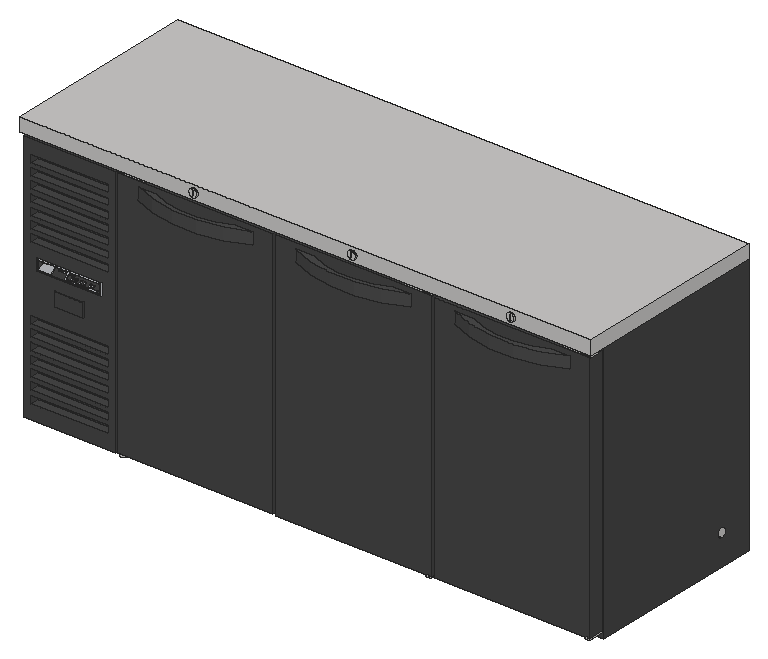
Revit family "QF_TRUE_TBR72-RISZ1-L-B-SSS-1", category Specialty Equipment, Revit 2016
Family settings
  Part Type = Normal
  Round Connector Dimension = Use Diameter
  Work Plane-Based = No
  Always vertical = Yes
  Cut with Voids When Loaded = No
  Shared = No
  Room Calculation Point = No
Parameters (values of type "QF_TRUE_TBR72-RISZ1-L-B-SSS-1")
  Weight in Pounds = 0
  Watts = if(Phase = 3, Volts * FL Amps * 1.73, Volts * FL Amps)  # 207 W
  Waste Water Discharge Temperature = -459.67 °F
  Volts = 115 V
  URL Cutsheet = ""
  Specification by User = ""
  Specification by Manufacturer = ""
  Show Standard Unit [instance] = yes
  Show Logo [instance] = yes
  Show Leg Levelers [instance] = no
  Show Seismic Flange [instance] = yes
  Show 6 Inches Legs [instance] = no
  Show Clearance [instance] = yes
  Show 1 Inch Rollers [instance] = no
  Show 5 Inches Castors [instance] = no
  Show 4 Inches Castors [instance] = no
  Show 3 Inches Castors [instance] = no
  Show 2 Inches Castors [instance] = no
  Serial Number = ""
  Seismic Rating = ""
  SMACNA No = ""
  Revision Code = ""
  Plumbing Remarks = ""
  Plumbing Connection Type = ""
  Phase = 1
  Number of Poles = 1
  NAFEM Spec ID Number = ""
  Model = "TBR72-RISZ1-L-B-SSS-1"
  Min Ckt Ampacity = 0 A
  Max Overcurrent Protection = 0 A
  Masterspec = ""
  Manufacturer = "TRUE"
  Length = 72"
  Item Number = ""
  Installed By = ""
  Indirect Waste Size = 1"
  Indirect Waste Flow = 0 GPM
  Indirect Waste Connection Type = ""
  Indirect Waste Connection Height = 0"
  Identify Quantity as Lot = yes
  Height [instance] = if(Show Standard Unit, 34 11/16", if(Show Leg Levelers, 34 15/16", if(Show 1 Inch Rollers, 35 9/16", if(Show 2 Inches Castors, 37 9/16", if(Show 3 Inches Castors, 38 9/16", if(Show 4 Inches Castors, 39 3/4", if(Show 5 Inches Castors, 40 3/4", if(Show 6 Inches Legs, 40 11/16", if(Show Seismic Flange, 40 11/16", 34 11/16")))))))))  # 34 11/16"
  HP = "1/5"
  Furnished By = ""
  Foodservice Equipment Identifier = yes
  FL Amps = 1.8 A
  Electrical Remarks = ""
  Electric Connection Type = ""
  Elec Conn RI Height = 0"
  Elec Conn Connection Height = 0"
  Description = "REACH-IN SINGLE ZONE REFRIGERATOR WITH LEFT SIDE REFRIGERATION SYSTEM. BLACK EXTERIOR AND SOLID SWING DOORS"
  Depth = 26 3/8"
  Cycle = 60 Hz
  Conn Plug = "NEMA 5-15P"
  Conn Conduit = yes
  CSI MasterFormat = ""
  Base Height [instance] = if(Show 2 Inches Castors, 2", if(Show 3 Inches Castors, 3", if(Show 4 Inches Castors, 4", if(Show 5 Inches Castors, 5", if(Show 1 Inch Rollers, 7/8", if(Show 6 Inches Legs, 6", if(Show Seismic Flange, 6", if(Show Leg Levelers, 0", 0"))))))))  # 6"
  Apparent Power = if(Phase = 3, Volts * FL Amps * 1.73, Volts * FL Amps)  # 207 VA
Reference planes (in)
  plane 1 "BACK": y = 0
  plane 2: z = 0
  plane 3 "LEFT": x = 0
  plane 4 "RIGHT": x = 72
  plane 5 "FRONT": y = -26.375
  plane 6 "TOP": z = 34.6875
  plane 7 "Center Y": x = 36
  plane 8 "Center X": y = -13.1875
  plane 9: y = -24.84375
  plane 10: y = -24.65625
  plane 11: y = -47.59375
  plane 12: z = 0
Dimensions and locks (in)
  equal spacing: plane 3 "LEFT", plane 7 "Center Y", plane 4 "RIGHT"
  "Length": plane 3 "LEFT" to plane 4 "RIGHT"
  equal spacing: plane 5 "FRONT", plane 8 "Center X", plane 1 "BACK"
  "Depth": plane 5 "FRONT" to plane 1 "BACK"
  "Height": plane 6 "TOP" to level
  plane 3 "LEFT" to plane 4 "RIGHT" = 72"
  plane 5 "FRONT" to plane 1 "BACK" = 26 3/8"
  plane 9 to plane 1 "BACK" = 24 27/32"
  plane 10 to plane 1 "BACK" = 24 21/32"
  plane 11 to plane 1 "BACK" = 47 19/32"
  locked: plane 6 "TOP" to plane 12 at 34.6875
  aligned and locked: level to plane 2
  aligned and locked: plane 6 "TOP" to nested 1
Nested families (in)
  nested 1: "TBR72-RISZ1-L-B-SSS-1" at (0, 0, 0), Show Clearance <- "Show Clearance", Show Logo <- "Show Logo", type "TBR72-RISZ1-L-B-SSS-1"
  nested 2: "CASTORS & LEGS" at (4, -4, 0), Show 2 Inches Castors <- "Show 2 Inches Castors", Show 3 Inches Castors <- "Show 3 Inches Castors", Show 4 Inches Castors <- "Show 4 Inches Castors", Show 5 Inches Castors <- "Show 5 Inches Castors", Show Legs <- "Show 6 Inches Legs", Show Legs with Flandge <- "Show Seismic Flange", Show 1 Inch Rollers <- "Show 1 Inch Rollers", Show Leg Levelers <- "Show Leg Levelers", type "CASTORS & LEGS"
    with Type Mark "", Status "", Specification by User "", Show Legs with Flandge yes, Show Legs no, Show Leg Levelers no, Show 5 Inches Castors no, Show 4 Inches Castors no, Show 3 Inches Castors no, Show 2 Inches Castors no, Show 1 Inch Rollers no, Revision Code "", Item Number "", Installed By "", Identify Quantity as Lot yes, Furnished By "", Foodservice Equipment Identifier yes
  nested 3: "CASTORS & LEGS" at (68, -4, 0), Show 2 Inches Castors <- "Show 2 Inches Castors", Show 3 Inches Castors <- "Show 3 Inches Castors", Show 4 Inches Castors <- "Show 4 Inches Castors", Show 5 Inches Castors <- "Show 5 Inches Castors", Show Legs <- "Show 6 Inches Legs", Show Legs with Flandge <- "Show Seismic Flange", Show 1 Inch Rollers <- "Show 1 Inch Rollers", Show Leg Levelers <- "Show Leg Levelers", type "CASTORS & LEGS"
    with Type Mark "", Status "", Specification by User "", Show Legs with Flandge yes, Show Legs no, Show Leg Levelers no, Show 5 Inches Castors no, Show 4 Inches Castors no, Show 3 Inches Castors no, Show 2 Inches Castors no, Show 1 Inch Rollers no, Revision Code "", Item Number "", Installed By "", Identify Quantity as Lot yes, Furnished By "", Foodservice Equipment Identifier yes
  nested 4: "CASTORS & LEGS" at (4, -18.75, 0), Show 2 Inches Castors <- "Show 2 Inches Castors", Show 3 Inches Castors <- "Show 3 Inches Castors", Show 4 Inches Castors <- "Show 4 Inches Castors", Show 5 Inches Castors <- "Show 5 Inches Castors", Show Legs <- "Show 6 Inches Legs", Show Legs with Flandge <- "Show Seismic Flange", Show 1 Inch Rollers <- "Show 1 Inch Rollers", Show Leg Levelers <- "Show Leg Levelers", type "CASTORS & LEGS"
    with Type Mark "", Status "", Specification by User "", Show Legs with Flandge yes, Show Legs no, Show Leg Levelers no, Show 5 Inches Castors no, Show 4 Inches Castors no, Show 3 Inches Castors no, Show 2 Inches Castors no, Show 1 Inch Rollers no, Revision Code "", Item Number "", Installed By "", Identify Quantity as Lot yes, Furnished By "", Foodservice Equipment Identifier yes
  nested 5: "CASTORS & LEGS" at (68, -18.75, 0), Show 2 Inches Castors <- "Show 2 Inches Castors", Show 3 Inches Castors <- "Show 3 Inches Castors", Show 4 Inches Castors <- "Show 4 Inches Castors", Show 5 Inches Castors <- "Show 5 Inches Castors", Show Legs <- "Show 6 Inches Legs", Show Legs with Flandge <- "Show Seismic Flange", Show 1 Inch Rollers <- "Show 1 Inch Rollers", Show Leg Levelers <- "Show Leg Levelers", type "CASTORS & LEGS"
    with Type Mark "", Status "", Specification by User "", Show Legs with Flandge yes, Show Legs no, Show Leg Levelers no, Show 5 Inches Castors no, Show 4 Inches Castors no, Show 3 Inches Castors no, Show 2 Inches Castors no, Show 1 Inch Rollers no, Revision Code "", Item Number "", Installed By "", Identify Quantity as Lot yes, Furnished By "", Foodservice Equipment Identifier yes
  nested 6: "CASTORS & LEGS" at (36, -4, 0), Show 2 Inches Castors <- "Show 2 Inches Castors", Show 3 Inches Castors <- "Show 3 Inches Castors", Show 4 Inches Castors <- "Show 4 Inches Castors", Show 5 Inches Castors <- "Show 5 Inches Castors", Show Legs <- "Show 6 Inches Legs", Show Legs with Flandge <- "Show Seismic Flange", Show 1 Inch Rollers <- "Show 1 Inch Rollers", Show Leg Levelers <- "Show Leg Levelers", type "CASTORS & LEGS"
    with Type Mark "", Status "", Specification by User "", Show Legs with Flandge yes, Show Legs no, Show Leg Levelers no, Show 5 Inches Castors no, Show 4 Inches Castors no, Show 3 Inches Castors no, Show 2 Inches Castors no, Show 1 Inch Rollers no, Revision Code "", Item Number "", Installed By "", Identify Quantity as Lot yes, Furnished By "", Foodservice Equipment Identifier yes
  nested 7: "CASTORS & LEGS" at (36, -18.75, 0), Show 2 Inches Castors <- "Show 2 Inches Castors", Show 3 Inches Castors <- "Show 3 Inches Castors", Show 4 Inches Castors <- "Show 4 Inches Castors", Show 5 Inches Castors <- "Show 5 Inches Castors", Show Legs <- "Show 6 Inches Legs", Show Legs with Flandge <- "Show Seismic Flange", Show 1 Inch Rollers <- "Show 1 Inch Rollers", Show Leg Levelers <- "Show Leg Levelers", type "CASTORS & LEGS"
    with Type Mark "", Status "", Specification by User "", Show Legs with Flandge yes, Show Legs no, Show Leg Levelers no, Show 5 Inches Castors no, Show 4 Inches Castors no, Show 3 Inches Castors no, Show 2 Inches Castors no, Show 1 Inch Rollers no, Revision Code "", Item Number "", Installed By "", Identify Quantity as Lot yes, Furnished By "", Foodservice Equipment Identifier yes
Connectors (in)
  electrical at (6, 0.25, 18), driven by "Volts", driven by "Watts"
    settings: on nested 1, index 1, voltage 115 V, apparent load 207 VA, apparent load phase1 0 VA, apparent load phase2 0 VA, apparent load phase3 0 VA, power factor 1, load classification "Other", number of poles 1, system type 30, power factor state 1, is connector primary yes, connector utility no, sub classification motor no, connector description "ELECTRICAL CONNECTION"
  piping at (16.75, -4.96875, -0.125), diameter 2.25
    settings: on nested 1, index 2, connector inside diameter 24", connector length 0", flow factor 0, pipe flow 0 GPM, pressure drop 0.00 psi, fitting loss kfactor 0, connector angle 0.00°, fixture units 0, engagement length 0", angle of deflection 0.00°, flow configuration 1, flow direction 2, fitting loss method 0, system type 16, joint type 0, gender type 0, connector reference index -1, connector utility 0, adjustable connector no, is connector primary yes, connector description "FLOOR ACCESS"
  piping at (64.75, -4.34375, -0.125), diameter 1, driven by "Indirect Waste Flow", driven by "Indirect Waste Size"
    settings: on nested 1, index 3, connector inside diameter 24", connector length 0", flow factor 0, pipe flow 0 GPM, pressure drop 0.00 psi, fitting loss kfactor 0, connector angle 0.00°, fixture units 0, engagement length 0", angle of deflection 0.00°, flow configuration 1, flow direction 2, fitting loss method 0, system type 16, joint type 0, gender type 0, connector reference index -1, connector utility 0, adjustable connector no, is connector primary no, connector description "DRAIN"
  piping at (72.125, -4.3125, 3.96875), diameter 1
    settings: on nested 1, index 4, connector inside diameter 24", connector length 0", flow factor 0, pipe flow 0 GPM, pressure drop 0.00 psi, fitting loss kfactor 0, connector angle 0.00°, fixture units 0, engagement length 0", angle of deflection 0.00°, flow configuration 1, flow direction 1, fitting loss method 0, system type 22, joint type 0, gender type 0, connector reference index -1, connector utility 0, adjustable connector no, is connector primary no, connector description "CONDENSING UNIT"
Definition of nested family "TBR72-RISZ1-L-B-SSS-1"
  Parameters (values of type "TBR72-RISZ1-L-B-SSS-1")
    Weight in Pounds = 0
    URL Cutsheet = ""
    Specification by User = ""
    Specification by Manufacturer = ""
    Show Logo [instance] = yes
    Show Clearance [instance] = yes
    Serial Number = ""
    Seismic Rating = ""
    SMACNA No = ""
    Revision Code = ""
    NAFEM Spec ID Number = ""
    Model = ""
    Masterspec = ""
    Manufacturer = ""
    Length = 72"
    Item Number = ""
    Installed By = ""
    Identify Quantity as Lot = yes
    Height = 34 11/16"
    Furnished By = ""
    Foodservice Equipment Identifier = yes
    Description = ""
    Depth = 26 3/8"
    CSI MasterFormat = ""
  Reference planes (in)
    plane 1 "BACK": y = 0
    plane 2: z = 0
    plane 3 "LEFT": x = 0
    plane 4 "RIGHT": x = 72
    plane 5 "FRONT": y = -26.375
    plane 6 "TOP": z = 34.6875
    plane 7 "Center Y": x = 36
    plane 8 "Center X": y = -13.1875
    plane 9: y = -24.84375
    plane 10: y = -24.65625
    plane 11: x = 71.75
    plane 12: y = -43.59375
  Forms (in)
    Extrusion 1, solid
      sketch origin (0, 0, 0) x (-1, 0, 0) y (0, 0, 1)
        loop
          line (-12.09375, 32.46875) -> (-71.75, 32.46875) -> (-71.75, 0.78125) -> (-12.09375, 0.78125) -> (-12.09375, 32.46875)
      from 0 to -2
    Extrusion 2, solid
      sketch origin (0, -22.75, 0) x (1, 0, 0) y (0, 0, 1)
        loop
          line (0.25, 0.78125) -> (11.84375, 0.78125) -> (11.84375, 32.46875) -> (0.25, 32.46875) -> (0.25, 0.78125)
        loop
          line (1.125, 30.81709) -> (1.125, 29.81709) -> (10.96875, 29.81709) -> (10.96875, 30.81709) -> (1.125, 30.81709)
        loop
          line (1.125, 29.31709) -> (1.125, 28.31709) -> (10.96875, 28.31709) -> (10.96875, 29.31709) -> (1.125, 29.31709)
        loop
          line (1.125, 27.81709) -> (1.125, 26.81709) -> (10.96875, 26.81709) -> (10.96875, 27.81709) -> (1.125, 27.81709)
        loop
          line (1.125, 26.31709) -> (1.125, 25.31709) -> (10.96875, 25.31709) -> (10.96875, 26.31709) -> (1.125, 26.31709)
        loop
          line (1.125, 24.81709) -> (1.125, 23.81709) -> (10.96875, 23.81709) -> (10.96875, 24.81709) -> (1.125, 24.81709)
        loop
          line (1.125, 21.81709) -> (1.125, 20.81709) -> (10.96875, 20.81709) -> (10.96875, 21.81709) -> (1.125, 21.81709)
        loop
          line (1.125, 23.31709) -> (1.125, 22.31709) -> (10.96875, 22.31709) -> (10.96875, 23.31709) -> (1.125, 23.31709)
        loop
          line (1.125, 12.56709) -> (1.125, 11.56709) -> (10.96875, 11.56709) -> (10.96875, 12.56709) -> (1.125, 12.56709)
        loop
          line (1.125, 11.06709) -> (1.125, 10.06709) -> (10.96875, 10.06709) -> (10.96875, 11.06709) -> (1.125, 11.06709)
        loop
          line (1.125, 9.56709) -> (1.125, 8.56709) -> (10.96875, 8.56709) -> (10.96875, 9.56709) -> (1.125, 9.56709)
        loop
          line (1.125, 8.06709) -> (1.125, 7.06709) -> (10.96875, 7.06709) -> (10.96875, 8.06709) -> (1.125, 8.06709)
        loop
          line (1.125, 6.56709) -> (1.125, 5.56709) -> (10.96875, 5.56709) -> (10.96875, 6.56709) -> (1.125, 6.56709)
        loop
          line (1.125, 3.56709) -> (1.125, 2.56709) -> (10.96875, 2.56709) -> (10.96875, 3.56709) -> (1.125, 3.56709)
        loop
          line (1.125, 5.06709) -> (1.125, 4.06709) -> (10.96875, 4.06709) -> (10.96875, 5.06709) -> (1.125, 5.06709)
      from 0.125 to 1.90625
    Extrusion 3, solid
      sketch origin (0, -22.75, 0) x (1, 0, 0) y (0, 0, 1)
        loop
          line (12.09375, 0.78125) -> (31.71875, 0.78125) -> (31.71875, 32.46875) -> (12.09375, 32.46875) -> (12.09375, 0.78125)
        loop
          line (51.73438, 0.78125) -> (51.73438, 32.46875) -> (32.10938, 32.46875) -> (32.10938, 0.78125) -> (51.73438, 0.78125)
        loop
          line (71.75, 0.78125) -> (71.75, 32.46875) -> (52.125, 32.46875) -> (52.125, 0.78125) -> (71.75, 0.78125)
      from 0 to 1.90625
    Extrusion 4, solid
      sketch origin (32.8125, -22.75, 32.46875) x (-1, 0, 0) y (0, -1, 0)
        loop
          arc (18.16831, 1.90625) -> (10.90625, 3.65113) -> (3.64419, 1.90625) r 15.9845
          line (3.64419, 1.90625) -> (5.9146, 1.90625)
          arc (5.9146, 1.90625) -> (10.90625, 3.15287) -> (15.8979, 1.90625) r 10.61701
          line (15.8979, 1.90625) -> (18.16831, 1.90625)
        loop
          arc (-1.84732, 1.90625) -> (-9.10938, 3.65113) -> (-16.37143, 1.90625) r 15.9845
          line (-16.37143, 1.90625) -> (-14.10103, 1.90625)
          arc (-14.10103, 1.90625) -> (-9.10938, 3.15287) -> (-4.11772, 1.90625) r 10.61701
          line (-4.11772, 1.90625) -> (-1.84732, 1.90625)
        loop
          arc (-21.86294, 1.90625) -> (-29.125, 3.65113) -> (-36.38706, 1.90625) r 15.9845
          line (-36.38706, 1.90625) -> (-34.11665, 1.90625)
          arc (-34.11665, 1.90625) -> (-29.125, 3.15287) -> (-24.13335, 1.90625) r 10.61701
          line (-24.13335, 1.90625) -> (-21.86294, 1.90625)
      from -2.11784 to -0.60631
    Extrusion 5, solid
      sketch origin (0.04324, -24.65625, 0) x (1, 0, 0) y (0, 0, 1)
        loop
          line (4.20676, 16.37472) -> (4.20676, 14.62472) -> (7.80051, 14.62472) -> (7.80051, 16.37472) -> (4.20676, 16.37472)
      from 0 to 0.125
    Extrusion 6, solid
      sketch origin (0, -24.84375, 34.4375) x (0, 0, 1) y (-1, 0, 0)
        loop
          circle (-0.65572, -21.90625) r 0.5
        loop
          line (-0.32569, -21.84362) -> (-0.96744, -21.84362) -> (-0.96744, -21.98332) -> (-0.32569, -21.98332) -> (-0.32569, -21.84362)
        loop
          circle (-0.65572, -41.92188) r 0.5
        loop
          line (-0.32569, -41.85924) -> (-0.96744, -41.85924) -> (-0.96744, -41.99895) -> (-0.32569, -41.99895) -> (-0.32569, -41.85924)
        loop
          circle (-0.65572, -61.9375) r 0.5
        loop
          line (-0.32569, -61.87487) -> (-0.96744, -61.87487) -> (-0.96744, -62.01457) -> (-0.32569, -62.01457) -> (-0.32569, -61.87487)
      from 0 to 0.125
    Extrusion 7, solid
      sketch origin (0, -22.75, 0) x (1, 0, 0) y (0, 0, 1)
        loop
          line (1.28286, 30.81709) -> (1.28286, 29.81709) -> (11.12661, 29.81709) -> (11.12661, 30.81709) -> (1.28286, 30.81709)
        loop
          line (1.28286, 29.31709) -> (1.28286, 28.31709) -> (11.12661, 28.31709) -> (11.12661, 29.31709) -> (1.28286, 29.31709)
        loop
          line (1.28286, 27.81709) -> (1.28286, 26.81709) -> (11.12661, 26.81709) -> (11.12661, 27.81709) -> (1.28286, 27.81709)
        loop
          line (1.28286, 26.31709) -> (1.28286, 25.31709) -> (11.12661, 25.31709) -> (11.12661, 26.31709) -> (1.28286, 26.31709)
        loop
          line (1.28286, 24.81709) -> (1.28286, 23.81709) -> (11.12661, 23.81709) -> (11.12661, 24.81709) -> (1.28286, 24.81709)
        loop
          line (1.28286, 21.81709) -> (1.28286, 20.81709) -> (11.12661, 20.81709) -> (11.12661, 21.81709) -> (1.28286, 21.81709)
        loop
          line (1.28286, 23.31709) -> (1.28286, 22.31709) -> (11.12661, 22.31709) -> (11.12661, 23.31709) -> (1.28286, 23.31709)
        loop
          line (1.28286, 12.56709) -> (1.28286, 11.56709) -> (11.12661, 11.56709) -> (11.12661, 12.56709) -> (1.28286, 12.56709)
        loop
          line (1.28286, 11.06709) -> (1.28286, 10.06709) -> (11.12661, 10.06709) -> (11.12661, 11.06709) -> (1.28286, 11.06709)
        loop
          line (1.28286, 9.56709) -> (1.28286, 8.56709) -> (11.12661, 8.56709) -> (11.12661, 9.56709) -> (1.28286, 9.56709)
        loop
          line (1.28286, 8.06709) -> (1.28286, 7.06709) -> (11.12661, 7.06709) -> (11.12661, 8.06709) -> (1.28286, 8.06709)
        loop
          line (1.28286, 6.56709) -> (1.28286, 5.56709) -> (11.12661, 5.56709) -> (11.12661, 6.56709) -> (1.28286, 6.56709)
        loop
          line (1.28286, 3.56709) -> (1.28286, 2.56709) -> (11.12661, 2.56709) -> (11.12661, 3.56709) -> (1.28286, 3.56709)
        loop
          line (1.28286, 5.06709) -> (1.28286, 4.06709) -> (11.12661, 4.06709) -> (11.12661, 5.06709) -> (1.28286, 5.06709)
      from 0.125 to 0.7394
    Extrusion 8, solid
      sketch origin (45.22341, -22.77627, 32.7789) x (1, 0, 0) y (0, 1, 0)
        loop
          line (26.54069, -1.96875) -> (26.50632, 0) -> (25.58853, 0) -> (25.55416, -1.96875) -> (26.54069, -1.96875)
        loop
          circle (26.09249, -1.43752) r 0.25
      from 0 to 0.1586
    Extrusion 9, solid
      sketch origin (71.97626, -22.16889, 0.78125) x (0, 1, 0) y (1, 0, 0)
        loop
          line (-0.60739, -1.14466) -> (-0.60739, -0.22626) -> (-2.06523, -0.25589)
          arc (-2.06523, -0.25589) -> (-2.48736, -0.68546) -> (-2.06523, -1.11503) r 0.42963
          line (-2.06523, -1.11503) -> (-0.60739, -1.14466)
        loop
          circle (-2.05773, -0.68546) r 0.25
      from 0 to 0.22057
    Extrusion 10, solid
      sketch origin (71.97626, -22.16889, 0.78125) x (0, 1, 0) y (1, 0, 0)
        loop
          circle (-2.05773, -0.68546) r 0.25
      from 0 to 0.29961
    Extrusion 11, solid
      sketch origin (45.22341, -22.16889, 32.46875) x (1, 0, 0) y (0, 1, 0)
        loop
          line (26.52659, -1.27764) -> (23.06149, -1.27764) -> (23.06149, -2.32875) -> (26.52659, -2.32875) -> (26.52659, -1.27764)
        loop
          circle (26.09113, -1.82353) r 0.25
        loop
          circle (24.44087, -1.81192) r 0.25
        loop
          circle (23.44087, -1.81192) r 0.25
      from 0 to 0.22057
    Extrusion 12, solid
      sketch origin (45.22341, -22.16889, 32.46875) x (1, 0, 0) y (0, 1, 0)
        loop
          circle (24.44087, -1.81192) r 0.25
        loop
          circle (23.44087, -1.81192) r 0.25
      from 0 to 0.31015
    Extrusion 13, solid
      sketch origin (71.97626, -22.16889, 0.78125) x (0, 1, 0) y (1, 0, 0)
        loop
          line (-0.60739, -1.14466) -> (-0.60739, -0.22626) -> (-2.06523, -0.25589)
          arc (-2.06523, -0.25589) -> (-2.48736, -0.68546) -> (-2.06523, -1.11503) r 0.42963
          line (-2.06523, -1.11503) -> (-0.60739, -1.14466)
        loop
          circle (-2.05773, -0.68546) r 0.25
      from 0 to 0.22057
    Extrusion 14, solid
      sketch origin (71.97626, -22.16889, 0.78125) x (0, 1, 0) y (1, 0, 0)
        loop
          circle (-2.05773, -0.68546) r 0.25
      from 0 to 0.29961
    Extrusion 15, solid
      sketch origin (45.22341, -22.16889, 32.9664) x (1, 0, 0) y (0, 1, 0)
        loop
          circle (26.09249, -1.82353) r 0.25
      from -0.0289 to -0.27708
    Extrusion 16, solid
      sketch origin (38.62034, -22.77627, 32.7789) x (-1, 0, 0) y (0, -1, 0)
        loop
          line (26.54069, 1.96875) -> (25.55416, 1.96875) -> (25.58853, 0) -> (26.50632, 0) -> (26.54069, 1.96875)
        loop
          circle (26.09249, 1.43752) r 0.25
      from 0 to 0.1586
    Extrusion 17, solid
      sketch origin (11.86749, -22.16889, 0.78125) x (0, -1, 0) y (-1, 0, 0)
        loop
          line (0.60739, -1.14466) -> (2.06523, -1.11503)
          arc (2.06523, -1.11503) -> (2.48736, -0.68546) -> (2.06523, -0.25589) r 0.42963
          line (2.06523, -0.25589) -> (0.60739, -0.22626) -> (0.60739, -1.14466)
        loop
          circle (2.05773, -0.68546) r 0.25
      from 0 to 0.22057
    Extrusion 18, solid
      sketch origin (11.86749, -22.16889, 0.78125) x (0, -1, 0) y (-1, 0, 0)
        loop
          circle (2.05773, -0.68546) r 0.25
      from 0 to 0.29961
    Extrusion 19, solid
      sketch origin (38.62034, -22.16889, 32.46875) x (-1, 0, 0) y (0, -1, 0)
        loop
          line (26.52659, 1.27764) -> (26.52659, 2.32875) -> (23.06149, 2.32875) -> (23.06149, 1.27764) -> (26.52659, 1.27764)
        loop
          circle (26.09113, 1.82353) r 0.25
        loop
          circle (24.44087, 1.81192) r 0.25
        loop
          circle (23.44087, 1.81192) r 0.25
      from 0 to 0.22057
    Extrusion 20, solid
      sketch origin (38.62034, -22.16889, 32.46875) x (-1, 0, 0) y (0, -1, 0)
        loop
          circle (24.44087, 1.81192) r 0.25
        loop
          circle (23.44087, 1.81192) r 0.25
      from 0 to 0.31015
    Extrusion 21, solid
      sketch origin (11.86749, -22.16889, 0.78125) x (0, -1, 0) y (-1, 0, 0)
        loop
          line (0.60739, -1.14466) -> (2.06523, -1.11503)
          arc (2.06523, -1.11503) -> (2.48736, -0.68546) -> (2.06523, -0.25589) r 0.42963
          line (2.06523, -0.25589) -> (0.60739, -0.22626) -> (0.60739, -1.14466)
        loop
          circle (2.05773, -0.68546) r 0.25
      from 0 to 0.22057
    Extrusion 22, solid
      sketch origin (11.86749, -22.16889, 0.78125) x (0, -1, 0) y (-1, 0, 0)
        loop
          circle (2.05773, -0.68546) r 0.25
      from 0 to 0.29961
    Extrusion 23, solid
      sketch origin (38.62034, -22.16889, 32.9664) x (-1, 0, 0) y (0, -1, 0)
        loop
          circle (26.09249, 1.82353) r 0.25
      from -0.0289 to -0.27708
    Extrusion 24, solid, visible <- "Show Clearance", detail levels coarse
      sketch origin (12, 0, 32.46875) x (0, -1, 0) y (-1, 0, 0)
        loop
          line (24.65625, -0.09375) -> (24.65625, -19.71875)
          arc (24.65625, -19.71875) -> (38.07768, -13.72046) -> (43.59375, -0.09375) r 19.67217
          line (43.59375, -0.09375) -> (24.65625, -0.09375)
        loop
          line (24.65625, -39.73438) -> (43.59375, -39.73437)
          arc (43.59375, -39.73437) -> (38.07768, -26.10767) -> (24.65625, -20.10938) r 19.67217
          line (24.65625, -20.10938) -> (24.65625, -39.73438)
        loop
          line (24.65625, -59.75) -> (43.59375, -59.75)
          arc (43.59375, -59.75) -> (38.07768, -46.12329) -> (24.65625, -40.125) r 19.67217
          line (24.65625, -40.125) -> (24.65625, -59.75)
      from 0 to 31.6875
    Extrusion 25, solid
      sketch origin (0, 0, 0) x (-1, 0, 0) y (0, 0, 1)
        loop
          line (0, 0) -> (0, 19.4375) -> (-10.96875, 19.4375) -> (-10.96875, 0) -> (0, 0)
      from 0 to 0.125
    Extrusion 26, solid
      sketch origin (0, 0, 0) x (-1, 0, 0) y (0, 0, 1)
        loop
          circle (-6, 18) r 0.5
        loop
          circle (-6, 21.75) r 0.5
      from 0 to 0.25
    Extrusion 27, solid
      sketch origin (48, 0, 0) x (0, 1, 0) y (1, 0, 0)
        loop
          circle (-4.96875, -31.25) r 1.125
        loop
          circle (-4.34375, 16.75) r 0.5
      from 0 to 0.125
    Extrusion 28, solid
      sketch origin (72, 0, 32.9375) x (0, 0, -1) y (0, 1, 0)
        loop
          circle (28.96875, -4.3125) r 0.5
      from 0 to 0.125
    Extrusion 29, solid
      sketch origin (0, 0, 0) x (0, 1, 0) y (0, 0, 1)
        loop
          line (-24.84375, 34.6875) -> (-24.84375, 32.9375) -> (0, 32.9375) -> (0, 34.6875) -> (-24.84375, 34.6875)
      from 0 to 72
    Extrusion 30, solid
      sketch origin (0, 0, 0) x (1, 0, 0) y (0, 0, 1)
        loop
          line (0, 32.9375) -> (0, 0) -> (72, 0) -> (72, 32.9375) -> (0, 32.9375)
        loop
          line (12.09375, 32.46875) -> (12.09375, 0.78125) -> (71.75, 0.78125) -> (71.75, 32.46875) -> (12.09375, 32.46875)
      from 0 to 22.75
    Extrusion 31, solid
      sketch origin (25.20778, -22.77627, 32.7789) x (1, 0, 0) y (0, 1, 0)
        loop
          line (26.54069, -1.96875) -> (26.50632, 0) -> (25.58853, 0) -> (25.55416, -1.96875) -> (26.54069, -1.96875)
        loop
          circle (26.09249, -1.43752) r 0.25
      from 0 to 0.1586
    Extrusion 32, solid
      sketch origin (51.96064, -22.16889, 0.78125) x (0, 1, 0) y (1, 0, 0)
        loop
          line (-0.60739, -1.14466) -> (-0.60739, -0.22626) -> (-2.06523, -0.25589)
          arc (-2.06523, -0.25589) -> (-2.48736, -0.68546) -> (-2.06523, -1.11503) r 0.42963
          line (-2.06523, -1.11503) -> (-0.60739, -1.14466)
        loop
          circle (-2.05773, -0.68546) r 0.25
      from 0 to 0.22057
    Extrusion 33, solid
      sketch origin (51.96064, -22.16889, 0.78125) x (0, 1, 0) y (1, 0, 0)
        loop
          circle (-2.05773, -0.68546) r 0.25
      from 0 to 0.29961
    Extrusion 34, solid
      sketch origin (25.20778, -22.16889, 32.46875) x (1, 0, 0) y (0, 1, 0)
        loop
          line (26.52659, -1.27764) -> (23.06149, -1.27764) -> (23.06149, -2.32875) -> (26.52659, -2.32875) -> (26.52659, -1.27764)
        loop
          circle (26.09113, -1.82353) r 0.25
        loop
          circle (24.44087, -1.81192) r 0.25
        loop
          circle (23.44087, -1.81192) r 0.25
      from 0 to 0.22057
    Extrusion 35, solid
      sketch origin (25.20778, -22.16889, 32.46875) x (1, 0, 0) y (0, 1, 0)
        loop
          circle (24.44087, -1.81192) r 0.25
        loop
          circle (23.44087, -1.81192) r 0.25
      from 0 to 0.31015
    Extrusion 36, solid
      sketch origin (51.96064, -22.16889, 0.78125) x (0, 1, 0) y (1, 0, 0)
        loop
          line (-0.60739, -1.14466) -> (-0.60739, -0.22626) -> (-2.06523, -0.25589)
          arc (-2.06523, -0.25589) -> (-2.48736, -0.68546) -> (-2.06523, -1.11503) r 0.42963
          line (-2.06523, -1.11503) -> (-0.60739, -1.14466)
        loop
          circle (-2.05773, -0.68546) r 0.25
      from 0 to 0.22057
    Extrusion 37, solid
      sketch origin (51.96064, -22.16889, 0.78125) x (0, 1, 0) y (1, 0, 0)
        loop
          circle (-2.05773, -0.68546) r 0.25
      from 0 to 0.29961
    Extrusion 38, solid
      sketch origin (25.20778, -22.16889, 32.9664) x (1, 0, 0) y (0, 1, 0)
        loop
          circle (26.09249, -1.82353) r 0.25
      from -0.0289 to -0.27708
  Cuts and joins
    joined: Extrusion 1, Extrusion 30
  Lines and regions (in)
    symbolic lines
      curve 1: line (72, 0, 0) -> (0, 0, 0)
      curve 2: line (72, -24.84375, 0) -> (72, 0, 0)
      curve 3: line (0, -24.84375, 0) -> (72, -24.84375, 0)
      curve 4: line (0, 0, 0) -> (0, -24.84375, 0)
      curve 5: arc (15.02421, -24.84375, 0) -> (21.90625, -26.40113, 0) -> (28.78829, -24.84375, 0) r 15.9845
      curve 6: arc (26.52876, -24.84375, 0) -> (21.90625, -25.90287, 0) -> (17.28374, -24.84375, 0) r 10.61701
      curve 7: arc (35.03984, -24.84375, 0) -> (41.92188, -26.40113, 0) -> (48.80391, -24.84375, 0) r 15.9845
      curve 8: arc (46.54438, -24.84375, 0) -> (41.92188, -25.90287, 0) -> (37.29937, -24.84375, 0) r 10.61701
      curve 9: arc (55.05546, -24.84375, 0) -> (61.9375, -26.40113, 0) -> (68.81954, -24.84375, 0) r 15.9845
      curve 10: arc (66.56001, -24.84375, 0) -> (61.9375, -25.90287, 0) -> (57.31499, -24.84375, 0) r 10.61701
      curve 11: line (12.07793, -24.84375, 0) -> (28.68827, -34.43374, 0)
      curve 12: arc (31.71085, -24.84375, 0) -> (30.82262, -29.83512, 0) -> (28.68827, -34.43374, 0) r 19.67217
      curve 13: line (51.7502, -24.84375, 0) -> (35.13985, -34.43374, 0)
      curve 14: arc (32.11728, -24.84375, 0) -> (33.0055, -29.83512, 0) -> (35.13985, -34.43374, 0) r 19.67217
      curve 15: line (71.76582, -24.84375, 0) -> (55.15548, -34.43374, 0)
      curve 16: arc (52.1329, -24.84375, 0) -> (53.02113, -29.83512, 0) -> (55.15548, -34.43374, 0) r 19.67217
  Dimensions and locks (in)
    equal spacing: plane 3 "LEFT", plane 7 "Center Y", plane 4 "RIGHT"
    "Length": plane 3 "LEFT" to plane 4 "RIGHT"
    equal spacing: plane 5 "FRONT", plane 8 "Center X", plane 1 "BACK"
    "Depth": plane 5 "FRONT" to plane 1 "BACK"
    "Height": plane 6 "TOP" to level
    plane 3 "LEFT" to plane 4 "RIGHT" = 72"
    plane 5 "FRONT" to plane 1 "BACK" = 26 3/8"
    plane 9 to plane 1 "BACK" = 24 27/32"
    plane 10 to plane 1 "BACK" = 24 21/32"
    plane 11 to plane 4 "RIGHT" = 1/4"
    plane 1 "BACK" to plane 12 = 43 19/32"
    plane 3 "LEFT" to Extrusion 27 sketch curve = 16 3/4"
    Extrusion 27 sketch curve to plane 1 "BACK" = 4 31/32"
    Extrusion 27 sketch curve to plane 1 "BACK" = 4 11/32"
    Extrusion 27 sketch curve to plane 4 "RIGHT" = 7 3/4"
    aligned and locked: level to plane 2
  Automatic sketch dimensions
    plane 1 "BACK" to curve 1 = 0"
    curve 1 to plane 3 "LEFT" = 0"
    curve 11 to plane 9 = 0"
    curve 2 to plane 4 "RIGHT" = 0"
    curve 12 to plane 10 = 0.73465"
    plane 3 "LEFT" to curve 12 = 12.0603"
    curve 6 to plane 8 "Center X" = 2.09836"
    curve 12 to curve 6 = 9.84595"
    curve 5 to curve 6 = 0"
    curve 11 to plane 7 "Center Y" = 7.31173"
    curve 13 to plane 7 "Center Y" = 0.86015"
    curve 8 to plane 8 "Center X" = 2.09836"
    plane 7 "Center Y" to curve 8 = 5 59/64"
    curve 7 to curve 8 = 0"
    curve 14 to plane 10 = 0.73465"
    curve 8 to curve 14 = 9.84595"
    plane 5 "FRONT" to curve 15 = 8.05874"
    curve 14 to curve 15 = 3.38765"
    plane 8 "Center X" to curve 9 = 2.77087"
    curve 9 to plane 11 = 9 13/16"
    curve 10 to plane 8 "Center X" = 2.09836"
    curve 10 to curve 9 = 0"
    plane 11 to curve 16 = 0.03345"
    plane 5 "FRONT" to curve 11 = 8.05874"
    curve 12 to curve 13 = 0"
    curve 16 to plane 10 = 0.73465"
    plane 8 "Center X" to curve 5 = 2.77087"
    plane 8 "Center X" to curve 7 = 2.77087"
    curve 12 to curve 11 = 0.01763"
    curve 11 to curve 5 = 2.94628"
    curve 5 to curve 6 = 2.25953"
    curve 7 to plane 7 "Center Y" = 0.96016"
    plane 7 "Center Y" to curve 8 = 1.29937"
    curve 13 to curve 16 = 0.38271"
    curve 16 to curve 9 = 2.92256"
    curve 9 to curve 10 = 2.25953"
    plane 11 to curve 15 = 0.01582"
    plane 11 to Extrusion 1 sketch curve = 0"
    level to Extrusion 1 sketch curve = 25/32"
    plane 3 "LEFT" to Extrusion 1 sketch curve = 12 3/32"
    Extrusion 1 sketch curve to plane 6 "TOP" = 2 7/32"
    plane 3 "LEFT" to Extrusion 2 sketch curve = 1/4"
    plane 3 "LEFT" to Extrusion 2 sketch curve = 1 1/8"  (x4)
    Extrusion 2 sketch curve to Extrusion 2 sketch curve = 0"  (x23)
    Extrusion 2 sketch curve to Extrusion 2 sketch curve = 9 27/32"
    Extrusion 2 sketch curve to Extrusion 2 sketch curve = 7/8"
    level to Extrusion 2 sketch curve = 25/32"
    Extrusion 2 sketch curve to Extrusion 2 sketch curve = 1.78584"
    Extrusion 2 sketch curve to Extrusion 2 sketch curve = 1"  (x14)
    Extrusion 2 sketch curve to Extrusion 2 sketch curve = 1/2"  (x12)
    Extrusion 2 sketch curve to Extrusion 2 sketch curve = 8 1/4"
    Extrusion 2 sketch curve to Extrusion 2 sketch curve = 1.65166"
    Extrusion 3 sketch curve to plane 11 = 0"
    Extrusion 3 sketch curve to plane 6 "TOP" = 2 7/32"  (x2)
    plane 7 "Center Y" to Extrusion 3 sketch curve = 16 1/8"
    Extrusion 3 sketch curve to Extrusion 3 sketch curve = 25/64"  (x2)
    Extrusion 3 sketch curve to plane 7 "Center Y" = 3 57/64"
    level to Extrusion 3 sketch curve = 25/32"  (x2)
    plane 3 "LEFT" to Extrusion 3 sketch curve = 12 3/32"
    Extrusion 3 sketch curve to Extrusion 3 sketch curve = 0"  (x2)
    Extrusion 3 to Extrusion 4 sketch curve = 0"  (x4)
    Extrusion 4 sketch curve to Extrusion 3 = 0"  (x2)
    Extrusion 4 sketch curve to Extrusion 3 = 37.48081"
    Extrusion 4 sketch curve to Extrusion 4 sketch curve = 2.2704"  (x3)
    Extrusion 4 sketch curve to Extrusion 4 sketch curve = 4.99165"
    Extrusion 4 sketch curve to Extrusion 4 sketch curve = 0"  (x3)
    Extrusion 4 sketch curve to Extrusion 4 sketch curve = 5.49151"
    Extrusion 4 sketch curve to Extrusion 3 = 10 13/64"
    Extrusion 3 to Extrusion 4 sketch curve = 2.55044"
    Extrusion 3 to Extrusion 4 sketch curve = 9 13/16"
    Extrusion 4 sketch curve to Extrusion 3 = 7.46414"  (x3)
    Extrusion 4 sketch curve to Extrusion 4 sketch curve = 4.86923"  (x3)
    Extrusion 2 to Extrusion 5 sketch curve = 3 1/8"  (x2)
    Extrusion 5 sketch curve to Extrusion 2 = 2.05764"
    Extrusion 5 sketch curve to Extrusion 5 sketch curve = 1 3/4"
    Extrusion 6 sketch curve to plane 6 "TOP" = 1.21744"  (x3)
    Extrusion 6 sketch curve to Extrusion 6 sketch curve = 0.31172"  (x3)
    Extrusion 6 sketch curve to Extrusion 6 sketch curve = 0.33003"  (x3)
    Extrusion 6 sketch curve to plane 11 = 9.73543"
    Extrusion 6 sketch curve to Extrusion 6 sketch curve = 0.07707"  (x3)
    Extrusion 6 sketch curve to Extrusion 6 sketch curve = 0.1397"  (x3)
    plane 7 "Center Y" to Extrusion 6 sketch curve = 5.99895"
    Extrusion 6 sketch curve to plane 7 "Center Y" = 14.01668"
    plane 3 "LEFT" to Extrusion 7 sketch curve = 1.28286"  (x4)
    Extrusion 7 sketch curve to Extrusion 7 sketch curve = 0"  (x23)
    Extrusion 7 sketch curve to Extrusion 7 sketch curve = 9 27/32"
    level to Extrusion 7 sketch curve = 2.56709"
    Extrusion 7 sketch curve to Extrusion 7 sketch curve = 1"  (x14)
    Extrusion 7 sketch curve to Extrusion 7 sketch curve = 1/2"  (x12)
    Extrusion 7 sketch curve to Extrusion 7 sketch curve = 8 1/4"
    plane 10 to Extrusion 8 sketch curve = 0.08877"
    Extrusion 8 sketch curve to plane 11 = 0.97243"
    Extrusion 8 sketch curve to plane 11 = 0.93806"
    Extrusion 8 sketch curve to plane 11 = 0.4341"
    Extrusion 8 sketch curve to plane 11 = 0.02027"
    plane 11 to Extrusion 8 sketch curve = 0.0141"
    Extrusion 8 sketch curve to plane 10 = 0.44246"
    Extrusion 8 sketch curve to Extrusion 8 sketch curve = 1 7/16"
    Extrusion 9 sketch curve to Extrusion 9 sketch curve = 0"  (x2)
    Extrusion 9 sketch curve to plane 11 = 0"
    Extrusion 9 sketch curve to plane 10 = 0.42214"  (x2)
    Extrusion 9 sketch curve to plane 11 = 0.02963"
    Extrusion 9 sketch curve to Extrusion 9 sketch curve = 0.0075"
    Extrusion 9 sketch curve to plane 11 = 0.91839"
    Extrusion 9 sketch curve to Extrusion 9 sketch curve = 1.45784"
    Extrusion 9 sketch curve to Extrusion 9 sketch curve = 0.42957"
    Extrusion 10 sketch curve to plane 10 = 0.42963"
    Extrusion 10 sketch curve to plane 11 = 0.4592"
    Extrusion 11 sketch curve to plane 11 = 0"
    Extrusion 11 sketch curve to plane 11 = 0.43546"
    Extrusion 11 sketch curve to plane 10 = 0.67545"
    Extrusion 11 sketch curve to Extrusion 11 sketch curve = 1.65026"
    Extrusion 11 sketch curve to Extrusion 11 sketch curve = 1"
    Extrusion 11 sketch curve to Extrusion 11 sketch curve = 0.37938"
    Extrusion 11 sketch curve to plane 10 = 0.66383"
    Extrusion 11 sketch curve to plane 10 = 0.15862"
    Extrusion 11 sketch curve to Extrusion 11 sketch curve = 0.51683"
    Extrusion 11 sketch curve to Extrusion 11 sketch curve = 0.53428"
    Extrusion 12 sketch curve to plane 10 = 0.67545"  (x2)
    Extrusion 12 sketch curve to plane 11 = 3.08572"
    Extrusion 12 sketch curve to Extrusion 12 sketch curve = 1"
    Extrusion 13 sketch curve to Extrusion 13 sketch curve = 0"  (x2)
    Extrusion 13 sketch curve to plane 11 = 0"
    Extrusion 13 sketch curve to plane 10 = 0.42214"  (x2)
    Extrusion 13 sketch curve to plane 11 = 0.02963"
    Extrusion 13 sketch curve to Extrusion 13 sketch curve = 0.0075"
    Extrusion 13 sketch curve to plane 11 = 0.91839"
    Extrusion 13 sketch curve to Extrusion 13 sketch curve = 1.45784"
    Extrusion 13 sketch curve to Extrusion 13 sketch curve = 0.42957"
    Extrusion 14 sketch curve to plane 10 = 0.42963"
    Extrusion 14 sketch curve to plane 11 = 0.4592"
    Extrusion 15 sketch curve to Extrusion 15 sketch curve = 0"  (x2)
    Extrusion 15 sketch curve to plane 11 = 0.4341"
    Extrusion 15 sketch curve to plane 10 = 0.66383"
    Extrusion 15 sketch curve to Extrusion 15 sketch curve = 1/4"
    plane 10 to Extrusion 16 sketch curve = 0.08877"
    plane 3 "LEFT" to Extrusion 16 sketch curve = 13.06618"
    Extrusion 16 sketch curve to plane 10 = 1.87998"
    Extrusion 16 sketch curve to Extrusion 16 sketch curve = 0.03436"
    Extrusion 16 sketch curve to Extrusion 16 sketch curve = 0.53832"
    Extrusion 16 sketch curve to Extrusion 16 sketch curve = 0.91779"
    Extrusion 16 sketch curve to Extrusion 16 sketch curve = 0.4482"
    Extrusion 16 sketch curve to plane 10 = 0.44246"
    Extrusion 17 sketch curve to Extrusion 17 sketch curve = 0"  (x2)
    Extrusion 17 sketch curve to plane 10 = 1.87998"
    Extrusion 17 sketch curve to plane 10 = 0.42963"
    Extrusion 17 sketch curve to plane 10 = 0.42214"  (x2)
    plane 3 "LEFT" to Extrusion 17 sketch curve = 12 3/32"
    Extrusion 17 sketch curve to Extrusion 17 sketch curve = 0.02963"
    Extrusion 17 sketch curve to Extrusion 17 sketch curve = 0.42957"
    Extrusion 17 sketch curve to Extrusion 17 sketch curve = 0.91839"
    Extrusion 18 sketch curve to plane 10 = 0.42963"
    plane 3 "LEFT" to Extrusion 18 sketch curve = 12.55295"
    Extrusion 19 sketch curve to plane 10 = 0.15862"
    plane 3 "LEFT" to Extrusion 19 sketch curve = 15.55885"
    Extrusion 19 sketch curve to Extrusion 19 sketch curve = 0.37938"
    Extrusion 19 sketch curve to Extrusion 19 sketch curve = 1"
    Extrusion 19 sketch curve to plane 10 = 0.66383"
    Extrusion 19 sketch curve to Extrusion 19 sketch curve = 1.65026"
    Extrusion 19 sketch curve to Extrusion 19 sketch curve = 0.43546"
    Extrusion 19 sketch curve to Extrusion 19 sketch curve = 0.51683"
    Extrusion 19 sketch curve to plane 10 = 0.67545"
    Extrusion 19 sketch curve to Extrusion 19 sketch curve = 0.5459"
    Extrusion 20 sketch curve to plane 10 = 0.67545"  (x2)
    plane 3 "LEFT" to Extrusion 20 sketch curve = 15.17947"
    Extrusion 20 sketch curve to Extrusion 20 sketch curve = 1"
    Extrusion 21 sketch curve to Extrusion 21 sketch curve = 0"  (x2)
    Extrusion 21 sketch curve to plane 10 = 1.87998"
    Extrusion 21 sketch curve to plane 10 = 0.42963"
    Extrusion 21 sketch curve to plane 10 = 0.42214"  (x2)
    plane 3 "LEFT" to Extrusion 21 sketch curve = 12 3/32"
    Extrusion 21 sketch curve to Extrusion 21 sketch curve = 0.02963"
    Extrusion 21 sketch curve to Extrusion 21 sketch curve = 0.42957"
    Extrusion 21 sketch curve to Extrusion 21 sketch curve = 0.91839"
    Extrusion 22 sketch curve to plane 10 = 0.42963"
    plane 3 "LEFT" to Extrusion 22 sketch curve = 12.55295"
    Extrusion 23 sketch curve to Extrusion 23 sketch curve = 0"  (x2)
    Extrusion 23 sketch curve to plane 10 = 0.66383"
    plane 3 "LEFT" to Extrusion 23 sketch curve = 12.52785"
    Extrusion 23 sketch curve to Extrusion 23 sketch curve = 1/4"
    plane 10 to Extrusion 24 sketch curve = 0"  (x3)
    Extrusion 24 sketch curve to plane 12 = 0"  (x3)
    Extrusion 24 sketch curve to plane 11 = 0"
    Extrusion 24 sketch curve to plane 10 = 0.73465"  (x3)
    plane 11 to Extrusion 24 sketch curve = 0.03345"
    Extrusion 24 sketch curve to Extrusion 24 sketch curve = 0.35717"
    Extrusion 24 sketch curve to Extrusion 24 sketch curve = 25/64"  (x2)
    plane 3 "LEFT" to Extrusion 24 sketch curve = 12 3/32"
    Extrusion 25 sketch curve to level = 0"
    Extrusion 25 sketch curve to plane 3 "LEFT" = 0"
    plane 3 "LEFT" to Extrusion 25 sketch curve = 10 31/32"
    Extrusion 25 sketch curve to plane 6 "TOP" = 15 1/4"
    plane 3 "LEFT" to Extrusion 26 sketch curve = 6"
    Extrusion 26 sketch curve to Extrusion 26 sketch curve = 0"
    Extrusion 26 sketch curve to plane 6 "TOP" = 16 11/16"
    Extrusion 26 sketch curve to Extrusion 26 sketch curve = 3 3/4"
    Extrusion 27 sketch curve to plane 11 = 7"
    Extrusion 30 to Extrusion 28 sketch curve = 3 31/32"
    Extrusion 30 to Extrusion 28 sketch curve = 4 5/16"
    Extrusion 29 sketch curve to plane 9 = 0"
    Extrusion 29 sketch curve to plane 1 "BACK" = 0"
    Extrusion 29 sketch curve to plane 6 "TOP" = 0"
    Extrusion 29 sketch curve to plane 6 "TOP" = 1 3/4"
    Extrusion 30 sketch curve to level = 0"
    Extrusion 30 sketch curve to plane 3 "LEFT" = 0"
    Extrusion 30 sketch curve to plane 11 = 0"
    plane 4 "RIGHT" to Extrusion 30 sketch curve = 0"
    level to Extrusion 30 sketch curve = 25/32"
    plane 3 "LEFT" to Extrusion 30 sketch curve = 12 3/32"
    Extrusion 30 sketch curve to plane 6 "TOP" = 2 7/32"
    Extrusion 30 sketch curve to plane 6 "TOP" = 1 3/4"
    plane 10 to Extrusion 31 sketch curve = 0.08877"
    plane 7 "Center Y" to Extrusion 31 sketch curve = 14.76195"
    Extrusion 31 sketch curve to plane 10 = 1.87998"
    Extrusion 31 sketch curve to Extrusion 31 sketch curve = 0.03436"
    Extrusion 31 sketch curve to Extrusion 31 sketch curve = 0.53832"
    Extrusion 31 sketch curve to Extrusion 31 sketch curve = 0.91779"
    Extrusion 31 sketch curve to Extrusion 31 sketch curve = 0.4482"
    Extrusion 31 sketch curve to plane 10 = 0.44246"
    Extrusion 32 sketch curve to Extrusion 32 sketch curve = 0"  (x2)
    Extrusion 32 sketch curve to plane 10 = 0.42214"  (x2)
    Extrusion 32 sketch curve to Extrusion 32 sketch curve = 0.0075"
    Extrusion 32 sketch curve to Extrusion 32 sketch curve = 1.45784"
    plane 7 "Center Y" to Extrusion 32 sketch curve = 15 47/64"
    Extrusion 32 sketch curve to Extrusion 32 sketch curve = 0.02963"
    Extrusion 32 sketch curve to Extrusion 32 sketch curve = 0.42957"
    Extrusion 32 sketch curve to Extrusion 32 sketch curve = 0.91839"
    Extrusion 33 sketch curve to plane 10 = 0.42963"
    plane 7 "Center Y" to Extrusion 33 sketch curve = 15.27518"
    Extrusion 34 sketch curve to plane 10 = 0.15862"
    plane 7 "Center Y" to Extrusion 34 sketch curve = 12.26928"
    Extrusion 34 sketch curve to Extrusion 34 sketch curve = 0.37938"
    Extrusion 34 sketch curve to Extrusion 34 sketch curve = 1"
    Extrusion 34 sketch curve to plane 10 = 0.66383"
    Extrusion 34 sketch curve to Extrusion 34 sketch curve = 1.65026"
    Extrusion 34 sketch curve to Extrusion 34 sketch curve = 0.43546"
    Extrusion 34 sketch curve to plane 10 = 0.67545"
    Extrusion 34 sketch curve to Extrusion 34 sketch curve = 0.51683"
    Extrusion 34 sketch curve to Extrusion 34 sketch curve = 0.53428"
    Extrusion 35 sketch curve to plane 10 = 0.67545"  (x2)
    plane 7 "Center Y" to Extrusion 35 sketch curve = 12.64866"
    Extrusion 35 sketch curve to Extrusion 35 sketch curve = 1"
    Extrusion 36 sketch curve to Extrusion 36 sketch curve = 0"  (x2)
    Extrusion 36 sketch curve to plane 10 = 0.42214"  (x2)
    Extrusion 36 sketch curve to Extrusion 36 sketch curve = 0.0075"
    Extrusion 36 sketch curve to Extrusion 36 sketch curve = 1.45784"
    plane 7 "Center Y" to Extrusion 36 sketch curve = 15 47/64"
    Extrusion 36 sketch curve to Extrusion 36 sketch curve = 0.02963"
    Extrusion 36 sketch curve to Extrusion 36 sketch curve = 0.42957"
    Extrusion 36 sketch curve to Extrusion 36 sketch curve = 0.91839"
    Extrusion 37 sketch curve to plane 10 = 0.42963"
    plane 7 "Center Y" to Extrusion 37 sketch curve = 15.27518"
    Extrusion 38 sketch curve to Extrusion 38 sketch curve = 0"  (x2)
    Extrusion 38 sketch curve to plane 10 = 0.66383"
    plane 7 "Center Y" to Extrusion 38 sketch curve = 15.30027"
    Extrusion 38 sketch curve to Extrusion 38 sketch curve = 1/4"
    radius of Extrusion 6 sketch curve = 1/2"  (x3)
    radius of Extrusion 8 sketch curve = 1/4"
    radius of Extrusion 9 sketch curve = 1/4"
    radius of Extrusion 10 sketch curve = 1/4"
    radius of Extrusion 11 sketch curve = 1/4"  (x3)
    radius of Extrusion 12 sketch curve = 1/4"  (x2)
    radius of Extrusion 13 sketch curve = 1/4"
    radius of Extrusion 14 sketch curve = 1/4"
    radius of Extrusion 16 sketch curve = 1/4"
    radius of Extrusion 17 sketch curve = 1/4"
    radius of Extrusion 18 sketch curve = 1/4"
    radius of Extrusion 19 sketch curve = 1/4"  (x3)
    radius of Extrusion 20 sketch curve = 1/4"  (x2)
    radius of Extrusion 21 sketch curve = 1/4"
    radius of Extrusion 22 sketch curve = 1/4"
    radius of Extrusion 26 sketch curve = 1/2"  (x2)
    radius of Extrusion 27 sketch curve = 1 1/8"
    radius of Extrusion 28 sketch curve = 1/2"
    radius of Extrusion 31 sketch curve = 1/4"
    radius of Extrusion 32 sketch curve = 1/4"
    radius of Extrusion 33 sketch curve = 1/4"
    radius of Extrusion 34 sketch curve = 1/4"  (x3)
    radius of Extrusion 35 sketch curve = 1/4"  (x2)
    radius of Extrusion 36 sketch curve = 1/4"
    radius of Extrusion 37 sketch curve = 1/4"
  Nested families (in)
    nested 1: "QF_LOGO_TRUE" at (1.99687, -24.65625, 17.85445), Show Logo <- "Show Logo", type "QF_LOGO_TRUE", detail levels medium+fine
      with Show Logo yes
  Definition of nested family "QF_LOGO_TRUE"
    Parameters (values of type "QF_LOGO_TRUE")
      Show Logo [instance] = yes
    Reference planes (in)
      plane 1 "Center (Front/Back)": y = 0
      plane 2: z = 0
      plane 3 "Center (Left/Right)": x = 0
    Forms (in)
      Extrusion 1, solid, visible <- "Show Logo", detail levels medium+fine
        sketch origin (-78.34647, 34.76905, -30.51001) x (1, 0, 0) y (0, 0, 1)
          loop
            line (81.15226, 31.65456) -> (81.07353, 31.48573) -> (82.12083, 31.48573)
            arc (82.12083, 31.48573) -> (82.14208, 31.44814) -> (82.12083, 31.41055) r 0.04386
            line (82.12083, 31.41055) -> (81.84767, 30.82478)
            arc (81.84767, 30.82478) -> (81.84531, 30.77052) -> (81.882, 30.73048) r 0.07096
            line (81.882, 30.73048) -> (82.55165, 30.73048)
            arc (82.55165, 30.73048) -> (82.63621, 30.75714) -> (82.69019, 30.82748) r 0.14742
            line (82.69019, 30.82748) -> (82.90515, 31.28847) -> (83.10265, 31.28847)
            arc (83.10265, 31.28847) -> (83.15447, 31.26942) -> (83.14697, 31.21472) r 0.04405
            line (83.14697, 31.21472) -> (82.9671, 30.82899)
            arc (82.9671, 30.82899) -> (82.9699, 30.76493) -> (83.02398, 30.73048) r 0.06943
            line (83.02398, 30.73048) -> (83.6124, 30.73048)
            arc (83.6124, 30.73048) -> (83.65748, 30.74689) -> (83.68147, 30.78844) r 0.07014
            arc (83.68147, 30.78844) -> (83.69845, 30.74745) -> (83.73943, 30.73048) r 0.05796
            line (83.73943, 30.73048) -> (84.112, 30.73048)
            arc (84.112, 30.73048) -> (84.15504, 30.74201) -> (84.18655, 30.77352) r 0.08608
            arc (84.18655, 30.77352) -> (84.20164, 30.7371) -> (84.23806, 30.72202) r 0.0515
            line (84.23806, 30.72202) -> (84.76757, 30.72202)
            arc (84.76757, 30.72202) -> (84.81086, 30.73995) -> (84.8288, 30.78324) r 0.06122
            arc (84.8288, 30.78324) -> (84.86848, 30.74355) -> (84.92269, 30.72903) r 0.10842
            line (84.92269, 30.72903) -> (85.91461, 30.72903) -> (86.02479, 30.91987) -> (85.0243, 30.91987)
            arc (85.0243, 30.91987) -> (84.99669, 30.93902) -> (84.99566, 30.97261) r 0.03732
            line (84.99566, 30.97261) -> (85.01297, 31.00972)
            arc (85.01297, 31.00972) -> (85.03954, 31.04453) -> (85.0813, 31.05774) r 0.07263
            line (85.0813, 31.05774) -> (85.40289, 31.05774)
            arc (85.40289, 31.05774) -> (85.4723, 31.07633) -> (85.52311, 31.12715) r 0.13882
            line (85.52311, 31.12715) -> (85.61625, 31.28847)
            arc (85.61625, 31.28847) -> (85.61625, 31.37458) -> (85.54168, 31.41763) r 0.08611
            line (85.54168, 31.41763) -> (85.20227, 31.41763)
            arc (85.20227, 31.41763) -> (85.11574, 31.40294) -> (85.05538, 31.33923) r 0.13863
            line (85.05538, 31.33923) -> (84.89409, 30.99333)
            arc (84.89409, 30.99333) -> (84.84649, 30.9313) -> (84.77191, 30.90778) r 0.13002
            line (84.77191, 30.90778) -> (84.41984, 30.90778)
            arc (84.41984, 30.90778) -> (84.3777, 30.95378) -> (84.38042, 31.0161) r 0.08151
            line (84.38042, 31.0161) -> (84.56766, 31.41763) -> (84.44849, 31.41763) -> (84.25012, 30.99222)
            arc (84.25012, 30.99222) -> (84.21158, 30.94199) -> (84.15119, 30.92296) r 0.10527
            line (84.15119, 30.92296) -> (83.90842, 30.92296)
            arc (83.90842, 30.92296) -> (83.8674, 30.97642) -> (83.87619, 31.04323) r 0.08805
            line (83.87619, 31.04323) -> (84.05078, 31.41763) -> (83.92772, 31.41763) -> (83.72676, 30.98668)
            arc (83.72676, 30.98668) -> (83.68011, 30.94003) -> (83.61639, 30.92296) r 0.12745
            line (83.61639, 30.92296) -> (83.26484, 30.92296)
            arc (83.26484, 30.92296) -> (83.2017, 30.9524) -> (83.19563, 31.0218) r 0.06967
            line (83.19563, 31.0218) -> (83.31118, 31.26961) -> (83.47452, 31.26961)
            arc (83.47452, 31.26961) -> (83.50209, 31.35268) -> (83.56075, 31.41763) r 0.21289
            line (83.56075, 31.41763) -> (82.92244, 31.41763)
            arc (82.92244, 31.41763) -> (82.85151, 31.40191) -> (82.80242, 31.34834) r 0.12081
            line (82.80242, 31.34834) -> (82.6294, 30.9773)
            arc (82.6294, 30.9773) -> (82.58962, 30.93752) -> (82.53528, 30.92296) r 0.10869
            line (82.53528, 30.92296) -> (82.1542, 30.92296)
            arc (82.1542, 30.92296) -> (82.12446, 30.96315) -> (82.13012, 31.01283) r 0.06822
            line (82.13012, 31.01283) -> (82.38156, 31.48573) -> (83.01596, 31.48573) -> (83.09469, 31.65456) -> (82.46029, 31.65456) -> (82.53902, 31.8234) -> (82.31334, 31.8234) -> (82.23461, 31.65456) -> (81.15226, 31.65456)
          loop
            arc (85.15937, 31.26434) -> (85.13191, 31.25698) -> (85.1118, 31.23688) r 0.05494
            line (85.1118, 31.23688) -> (85.09547, 31.18665)
            arc (85.09547, 31.18665) -> (85.10304, 31.16837) -> (85.12133, 31.16079) r 0.02586
            line (85.12133, 31.16079) -> (85.39889, 31.16079)
            arc (85.39889, 31.16079) -> (85.41888, 31.16523) -> (85.43513, 31.1777) r 0.04731
            line (85.43513, 31.1777) -> (85.44863, 31.2402)
            arc (85.44863, 31.2402) -> (85.44466, 31.25693) -> (85.42914, 31.26434) r 0.01994
            line (85.42914, 31.26434) -> (85.15937, 31.26434)
          loop
            line (78.62961, 30.74125) -> (80.12032, 30.74125) -> (80.73891, 31.81268) -> (79.2482, 31.81268) -> (78.62961, 30.74125)
        from 34.76797 to 34.83173
      Extrusion 2, solid, visible <- "Show Logo", detail levels medium+fine
        sketch origin (-142.84857, 34.75108, -33.3546) x (1, 0, 0) y (0, 0, 1)
          loop
            line (150.81107, 34.71978) -> (142.98607, 34.71978) -> (142.98607, 33.4921) -> (150.81107, 33.4921) -> (150.81107, 34.71978)
        from 34.75108 to 34.78125
      Extrusion 3, solid, visible <- "Show Logo", detail levels medium+fine
        sketch origin (-142.84857, 34.75108, -33.3546) x (1, 0, 0) y (0, 0, 1)
          loop
            line (150.94857, 34.85727) -> (142.84857, 34.85727) -> (142.84857, 33.3546) -> (150.94857, 33.3546) -> (150.94857, 34.85727)
          loop
            line (142.98607, 34.71978) -> (142.98607, 33.4921) -> (150.81107, 33.4921) -> (150.81107, 34.71978) -> (142.98607, 34.71978)
        from 34.75108 to 34.81376
    Dimensions and locks (in)
      aligned and locked: level to plane 2
      aligned and locked: Extrusion 2 to Extrusion 3  (x2)
      aligned and locked: Extrusion 2 sketch curve to Extrusion 3
Definition of nested family "CASTORS & LEGS"
  Parameters (values of type "CASTORS & LEGS")
    Weight = ""
    URL Manufacturer = ""
    URL Cutsheet = ""
    URL = ""
    Type Mark [instance] = ""
    Status [instance] = ""
    Specification by User [instance] = ""
    Specification by Manufacturer = ""
    Show Legs with Flandge [instance] = yes
    Show Legs [instance] = yes
    Show Leg Levelers [instance] = yes
    Show 1 Inch Rollers [instance] = yes
    Show 5 Inches Castors [instance] = yes
    Show 4 Inches Castors [instance] = yes
    Show 3 Inches Castors [instance] = yes
    Show 2 Inches Castors [instance] = yes
    Serial Number = ""
    Seismic Rating = ""
    SMACNA No = ""
    Revision Code [instance] = ""
    Omniclass Number and Title = ""
    NAFEM Spec ID Number = ""
    Model = ""
    MasterSpec. = ""
    Manufacturer = ""
    Item Number [instance] = ""
    Installed By [instance] = ""
    Identify Quantity as Lot [instance] = yes
    Furnished By [instance] = ""
    Foodservice Equipment Identifier [instance] = yes
    Description = ""
    CSI MasterFormat = ""
    CSI Master Format = ""
    Assembly Code = ""
  Reference planes (in)
    plane 1: z = 0
    plane 2 "RIGHT": x = 0
    plane 3 "FRONT": y = 0
    plane 4 "TOP": z = 4
    plane 5: z = 5.75
    plane 6: z = 6
    plane 7: z = 0.875
  Forms (in)
    Revolve 1, solid, visible <- "Show Legs"
      sketch origin (11.12172, 0, 0) x (-1, 0, 0) y (0, 0, -1)
        loop
          line (11.12172, -6) -> (11.12172, 0) -> (10.62172, 0) -> (10.62172, -0.5) -> (10.37172, -0.5) -> (10.37172, -6) -> (11.12172, -6)
        axis (11.12172, 0) -> (11.12172, -6)
      angle from 0 to 360
    Revolve 2, solid, visible <- "Show Legs with Flandge"
      sketch origin (11.12172, 0, 0) x (-1, 0, 0) y (0, 0, -1)
        loop
          line (11.12172, -6) -> (11.12172, 0) -> (9.87172, 0) -> (9.87172, -0.25) -> (10.62172, -0.25) -> (10.62172, -0.5) -> (10.37172, -0.5) -> (10.37172, -6) -> (11.12172, -6)
        axis (11.12172, 0) -> (11.12172, -6)
      angle from 0 to 360
    Extrusion 3, solid, visible <- "Show Leg Levelers"
      sketch origin (0, 0, 0) x (1, 0, 0) y (0, 1, 0)
        loop
          circle (0, 0) r 0.75
      from 0 to 0.25
  Dimensions and locks (in)
    plane 4 "TOP" to level = 4"  (x2)
    locked: Revolve 1 sketch curve to Revolve 1 sketch curve at 0.5
    locked: Revolve 1 sketch curve to Revolve 1 sketch curve at 0.75
    locked: Revolve 2 sketch curve to Revolve 2 sketch curve at 0.75
    plane 5 to level = 5 3/4"
    plane 6 to plane 1 = 6"
    nested 1 to plane 1 = 3 1/8"
    nested 3 to level = 5"
    aligned and locked: level to plane 1
  Nested families (in)
    nested 1: "3 INCHES 01_CASTER" at (0, 0, 0), visible <- "Show 2 Inches Castors", type "3 INCHES 01_CASTER"
      with Type Mark "", Specification by User "", Revision Code "", Item Number "", Installed By "", Identify Quantity as Lot yes, Furnished By "", Foodservice Equipment Identifier yes, 3 Inches Caster yes
    nested 2: "HATCO_4 INCHES_CASTER" at (0, -0.75, 0), Show 4 Inches Caster <- "Show 3 Inches Castors", type "HATCO_4 INCHES_CASTER"
      with Type Mark "", Specification by User "", Show 4 Inches Caster yes, Revision Code "", Item Number "", Installed By "", Identify Quantity as Lot yes, Furnished By "", Foodservice Equipment Identifier yes
    nested 3: "5 INCHES 01_CASTER" at (0, 0, 0), visible <- "Show 4 Inches Castors", type "5 INCHES 01_CASTER"
      with Type Mark "", Specification by User "", Show 5" Casters yes, Revision Code "", Key Locks yes, Item Number "", Installed By "", Identify Quantity as Lot yes, Furnished By "", Foodservice Equipment Identifier yes
    nested 4: "7-8 INCHES_CASTER" at (0, 0, 0), visible <- "Show 1 Inch Rollers", type "7-8 INCHES_CASTER"
      with Type Mark "", Specification by User "", Revision Code "", Item Number "", Installed By "", Identify Quantity as Lot yes, Furnished By "", Foodservice Equipment Identifier yes, 2.5 Inches Caster yes
